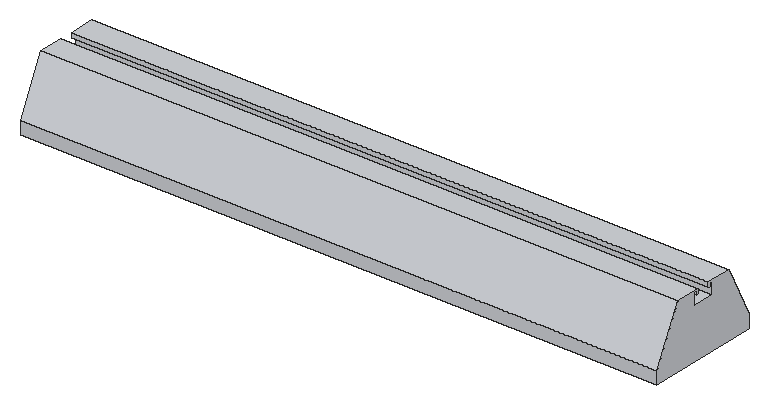
Revit family "MP1000645", category Generic Models, Revit 2020
Family settings
  Can host rebar = No
  Round Connector Dimension = Use Diameter
  Part Type = Normal
  Work Plane-Based = Yes
  Always vertical = No
  Cut with Voids When Loaded = No
  Shared = No
  Room Calculation Point = No
Parameters (values of type "NBS Standard Parameters")
  Weight = "9.9"
  WarrantyStartDate [instance] = "1900-12-31T23:59:59"
  WarrantyGuarantorParts = "12 months"
  WarrantyGuarantorLabor = "n/a"
  WarrantyDurationUnit = "12 months"
  WarrantyDurationParts = "n/a"
  WarrantyDurationLabor = "n/a"
  WarrantyDescription = "n/a"
  Version = "1"
  Uniclass2 = "Pr_65_70_11_19"
  URL = "www.metpro.co.uk"
  TagNumber [instance] = "n/a"
  SustainabilityPerformance = ""
  Size = "1000mm"
  Shape = "Rectangular"
  SerialNumber [instance] = "n/a"
  Revision = "n/a"
  ReplacementCost = "n/a"
  ProductInformation = "www.metpro.co.uk/pdf/MP1000645.pdf"
  NominalWidth = 1000 mm
  NominalLength = 180 mm
  NominalHeight = 95 mm
  Name = "MP1000645 - ECO FRIENDLY STANDARD FOOT"
  NBSTypeID = ""
  NBSReference = "90-55-10/305"
  NBSOfficeMasterTag = ""
  NBSNote = ""
  NBSDescription = "Channel cable supports"
  NBSCertification = ""
  ModelReference = "channel cable supports"
  ModelNumber = "n/a"
  Material = "Foot - SBR Recycled Rubber / Channel - pre galv 41x21"
  ManufacturerURL = "www.metpro.co.uk"
  ManufacturerName = "Metpro ltd"
  Manufacturer = "Metpro Ltd"
  Keynote = "SWL Loading 645kg"
  InstallationDate [instance] = "1900-12-31T23:59:59"
  IfcExportType = ""
  IfcExportAs = ""
  Grade = "n/a"
  Finish = "Foot - Black / Channel - pre galv"
  Features = "SWL 645kg per foot, suitable for both internal & external application (temp between -40 & +80 deg C)"
  ExpectedLife = "n/a"
  DurationUnit = "1 year"
  Description = "MP1000645 - Eco Friendly Standard Foot"
  Default Elevation = 1219.2 mm
  Constituents = "n/a"
  Color = "Black"
  CodePerformance = "n/a"
  Category = "n/a"
  BarCode [instance] = "n/a"
  BIMObjectName = "Metpro_metprolibrary_channelcablesupports_channelbracket"
  Author = "Metpro"
  AssetType = "Fixed"
  AssetIdentifier [instance] = "n/a"
  AccessibilityPerformance = "n/a"
Reference planes
  plane 1 "Center (Front/Back)": y = 0
  plane 2: z = -49.367
  plane 3 "Center (Left/Right)": x = 0
Forms (mm)
  Extrusion 1, solid
    sketch origin (-3.322, 99.234, -24.021) x (0, 0, 1) y (0, 1, 0)
      loop
        line (12.649, 31.337) -> (12.649, -148.663) -> (32.649, -148.663) -> (112.84, -107.804) -> (112.84, -68.304) -> (105.34, -68.304) -> (105.34, -70.804) -> (110.34, -70.804) -> (110.34, -75.754) -> (91.84, -75.754) -> (91.84, -39.799) -> (110.34, -39.799) -> (110.34, -44.749) -> (105.34, -44.749) -> (105.34, -47.274) -> (112.84, -47.274) -> (112.84, -7.774) -> (32.649, 31.337) -> (12.649, 31.337)
    from 0 to 1000
Dimensions and locks
  aligned and locked: level to plane 2
